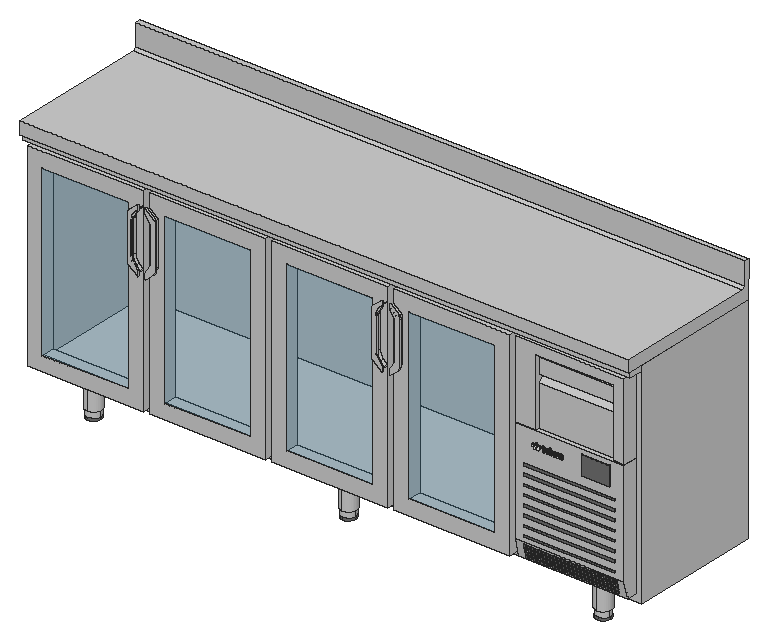
Revit family "QF_INFRICO_FMPP2500CR_250812114429", category Specialty Equipment, Revit 2021
Family settings
  Round Connector Dimension = Use Diameter
  Part Type = Normal
  OmniClass Number = 23.40.40.14
  OmniClass Title = Food Service Equipment
  Work Plane-Based = No
  Always vertical = Yes
  Cut with Voids When Loaded = No
  Shared = No
  Room Calculation Point = No
Parameters (values of type "FMPP2500CR-R290")
  Weight [instance] = 220.999 kg
  Waste Water Discharge Temperature [instance] = 0 °C
  Waste Remarks [instance] = ""
  Warranty Start Date [instance] = ""
  Warranty Duration [instance] = ""
  Volts [instance] = 230 V
  Volt Free Conn [instance] = no
  URL Recommended Spares List [instance] = ""
  URL Manufacturer [instance] = ""
  URL Cutsheet [instance] = ""
  URL Critical Spares List [instance] = ""
  URL = "www.infrico.com"
  Technical Documentation [instance] = ""
  Tag Number [instance] = ""
  Status [instance] = ""
  Start Up Current [instance] = 0 A
  Specification by User [instance] = ""
  Specification by Manufacturer [instance] = ""
  Sound Level [instance] = ""
  Show Logo [instance] = yes
  Show Clearances [instance] = yes
  Service Life Duration [instance] = ""
  Serial Number [instance] = ""
  Seismic Rating [instance] = ""
  SMACNA No [instance] = ""
  Revision Code [instance] = ""
  Revision [instance] = ""
  Production Year [instance] = ""
  Potential Equalisation [instance] = no
  Point Load [instance] = 0
  Plumbing Connection Type [instance] = ""
  Phase [instance] = 1
  Other Equipment Approvals [instance] = ""
  Operational Current [instance] = 0 A
  Number of Poles [instance] = 2
  No Load Power Draw [instance] = no
  NAFEM Spec ID Number [instance] = ""
  Model Warning [instance] = ""
  Model = "FMPP2500CR"
  Min Ckt Ampacity [instance] = 0 A
  Max Overcurrent Protection [instance] = 0 A
  Masterspec [instance] = ""
  Manufacturer = "INFRICO"
  Main switch integrated [instance] = no
  Length Actual [instance] = 2452.116 mm
  Item Number [instance] = ""
  Installed By [instance] = ""
  Installation Date [instance] = ""
  Indirect Waste Size [instance] = 19.05 mm
  Indirect Waste Remarks [instance] = ""
  Indirect Waste Flow [instance] = 0.0 L/s
  Indirect Waste Connection Type [instance] = ""
  Indirect Waste Connection Height [instance] = 0 mm
  Identify Quantity as Lot [instance] = no
  ID [instance] = ""
  Hygiene Approval [instance] = ""
  Height Actual [instance] = 1050.036 mm
  HP power [instance] = ""
  Furnished By [instance] = ""
  Foodservice Equipment Identifier [instance] = no
  FL Amps [instance] = 0 A
  Electrical Remarks [instance] = ""
  Electric power [instance] = 450 W
  Electric Connection Type [instance] = ""
  Elec Conn RI Height [instance] = 0 mm
  Elec Conn Connection Height [instance] = 0 mm
  ETL Approved [instance] = no
  Direct Waste Water Discharge Temperature [instance] = -273.15 °C
  Direct Waste Size [instance] = 19.05 mm
  Direct Waste RI Height [instance] = 0 mm
  Direct Waste Flow [instance] = 0.0 L/s
  Direct Waste Connection Height [instance] = 0 mm
  Description = "BACK BAR COUNTER REFRIGERATOR - R290"
  Depth Actual [instance] = 599.948 mm
  Default Elevation = 0 mm
  Cycle [instance] = 50 Hz
  Cost = 0
  Connection to energy optimisation system [instance] = yes
  Conn Plug [instance] = ""
  Conn Conduit [instance] = no
  Centralized building control system with digital interface [instance] = ""
  CSI MasterFormat [instance] = ""
  CE Approved [instance] = no
  Barcode [instance] = 0
  Author [instance] = ""
  Asset Identifier [instance] = ""
  Apparent Power [instance] = 450 VA
  Accessory [instance] = no
Reference planes
  plane 1 "Center (Front/Back)": y = 0
  plane 2: z = 0
  plane 3 "Center (Left/Right)": x = 0
Forms (mm)
  Extrusion 1, solid, not visible
    sketch origin (1034.05, -113.006, 142.007) x (1, 0, 0) y (0, 1, 0)
      loop
        line (-2, 2) -> (-2, -2) -> (2, -2) -> (2, 2) -> (-2, 2)
    from -2 to 2
  Extrusion 2, solid, not visible
    sketch origin (2391.117, -61.003, 142.007) x (1, 0, 0) y (0, 1, 0)
      loop
        line (-2, 2) -> (-2, -2) -> (2, -2) -> (2, 2) -> (-2, 2)
    from -2 to 2
Dimensions and locks
  locked: nested 2 to Extrusion 1 at 2  (x2)
  locked: nested 3 to Extrusion 2 at 2  (x2)
  aligned and locked: level to plane 2
Nested families
  nested 1: "QF_INFRICO_FMPP2500CR_2920" at (0, 0, 140), type "FMPP2500CR-R290"
    with Weight 220.999 kg, Warranty Start Date "", Warranty Duration "", URL Cutsheet "", Technical Documentation "", Tag Number "", Status "", Specification by User "", Specification by Manufacturer "", Sound Level "", Solid Fuel Type "", Show Logo yes, Show Clearances yes, Show Clearance yes, Service Life Duration "", Serial Number "", Seismic Rating "", SMACNA No "", Revision Code "", Revision "", Production Year "", Point Load 0, Other Equipment Approvals "", NAFEM Spec ID Number "", Model Warning "", Masterspec "", Length Actual 2452.116 mm, Item Number "", Installed By "", Installation Date "", Identify Quantity as Lot yes, ID "", Hygiene Approval "", Height Actual 1050.036 mm, Furnished By "", Foodservice Equipment Identifier yes, ETL Approved yes, Depth Actual 599.948 mm, CSI MasterFormat "", CE Approved no, Barcode "", Author "", Asset Identifier "", Accessory no
  nested 2: "CONN_POINT_DRAIN_2D___Generic_Annotation" at (1034.05, -113.006, 140.007), type "CONN_POINT_DRAIN_2D___Generic_Annotation"
    with Onboard connection annotation symbol visibility yes
  nested 3: "CONN_POINT_ELE_2D___Generic_Annotation" at (2391.117, -61.003, 140.007), type "CONN_POINT_ELE_2D___Generic_Annotation"
    with Onboard connection annotation symbol visibility yes
  nested 4: "QF_INFRICO_FMPPCR_DOOR_SX_4887" at (22, -538, 168), type "FMPPCR_DOOR_SX"
    with Weight 0.00 kg, Warranty Start Date "", Warranty Duration "", URL Cutsheet "", Technical Documentation "", Tag Number "", Status "", Specification by User "", Specification by Manufacturer "", Sound Level "", Solid Fuel Type "", Show Logo yes, Show Clearances yes, Show Clearance yes, Service Life Duration "", Serial Number "", Seismic Rating "", SMACNA No "", Revision Code "", Revision "", Production Year "", Point Load 0, Other Equipment Approvals "", NAFEM Spec ID Number "", Model Warning "", Masterspec "", Length Actual 467.106 mm, Item Number "", Installed By "", Installation Date "", Identify Quantity as Lot yes, ID "", Hygiene Approval "", Height Actual 596.9 mm, Furnished By "", Foodservice Equipment Identifier yes, ETL Approved yes, Depth Actual 54.102 mm, CSI MasterFormat "", CE Approved no, Barcode "", Author "", Asset Identifier "", Accessory yes
  nested 5: "QF_INFRICO_FMPPCR_DOOR_DX_5699" at (1498, -538, 168), type "FMPPCR_DOOR_DX"
    with Weight 0.00 kg, Warranty Start Date "", Warranty Duration "", URL Cutsheet "", Technical Documentation "", Tag Number "", Status "", Specification by User "", Specification by Manufacturer "", Sound Level "", Solid Fuel Type "", Show Logo yes, Show Clearances yes, Show Clearance yes, Service Life Duration "", Serial Number "", Seismic Rating "", SMACNA No "", Revision Code "", Revision "", Production Year "", Point Load 0, Other Equipment Approvals "", NAFEM Spec ID Number "", Model Warning "", Masterspec "", Length Actual 467.106 mm, Item Number "", Installed By "", Installation Date "", Identify Quantity as Lot yes, ID "", Hygiene Approval "", Height Actual 596.9 mm, Furnished By "", Foodservice Equipment Identifier yes, ETL Approved yes, Depth Actual 54.102 mm, CSI MasterFormat "", CE Approved no, Barcode "", Author "", Asset Identifier "", Accessory yes
  nested 6: "QF_INFRICO_FMPPCR_DOOR_DX_6507" at (514, -538, 168), type "FMPPCR_DOOR_DX"
    with Weight 0.00 kg, Warranty Start Date "", Warranty Duration "", URL Cutsheet "", Technical Documentation "", Tag Number "", Status "", Specification by User "", Specification by Manufacturer "", Sound Level "", Solid Fuel Type "", Show Logo yes, Show Clearances yes, Show Clearance yes, Service Life Duration "", Serial Number "", Seismic Rating "", SMACNA No "", Revision Code "", Revision "", Production Year "", Point Load 0, Other Equipment Approvals "", NAFEM Spec ID Number "", Model Warning "", Masterspec "", Length Actual 467.106 mm, Item Number "", Installed By "", Installation Date "", Identify Quantity as Lot yes, ID "", Hygiene Approval "", Height Actual 596.9 mm, Furnished By "", Foodservice Equipment Identifier yes, ETL Approved yes, Depth Actual 54.102 mm, CSI MasterFormat "", CE Approved no, Barcode "", Author "", Asset Identifier "", Accessory yes
  nested 7: "QF_INFRICO_FMPPCR_DOOR_SX_7315" at (1006, -538, 168), type "FMPPCR_DOOR_SX"
    with Weight 0.00 kg, Warranty Start Date "", Warranty Duration "", URL Cutsheet "", Technical Documentation "", Tag Number "", Status "", Specification by User "", Specification by Manufacturer "", Sound Level "", Solid Fuel Type "", Show Logo yes, Show Clearances yes, Show Clearance yes, Service Life Duration "", Serial Number "", Seismic Rating "", SMACNA No "", Revision Code "", Revision "", Production Year "", Point Load 0, Other Equipment Approvals "", NAFEM Spec ID Number "", Model Warning "", Masterspec "", Length Actual 467.106 mm, Item Number "", Installed By "", Installation Date "", Identify Quantity as Lot yes, ID "", Hygiene Approval "", Height Actual 596.9 mm, Furnished By "", Foodservice Equipment Identifier yes, ETL Approved yes, Depth Actual 54.102 mm, CSI MasterFormat "", CE Approved no, Barcode "", Author "", Asset Identifier "", Accessory yes
  nested 8: "QF_INFRICO_WORKTOP_BACKSPLASH_8123" at (0, 0, 1000), type "ENC12CPBM25"
    with Weight 0.00 kg, Warranty Start Date "", Warranty Duration "", URL Cutsheet "", Technical Documentation "", Tag Number "", Status "", Specification by User "", Specification by Manufacturer "", Sound Level "", Solid Fuel Type "", Show Logo yes, Show Clearances yes, Show Clearance yes, Service Life Duration "", Serial Number "", Seismic Rating "", SMACNA No "", Revision Code "", Revision "", Production Year "", Point Load 0, Other Equipment Approvals "", NAFEM Spec ID Number "", Model Warning "", Masterspec "", Length Actual 2452.116 mm, Item Number "", Installed By "", Installation Date "", Identify Quantity as Lot yes, ID "", Hygiene Approval "", Height Actual 150.114 mm, Furnished By "", Foodservice Equipment Identifier yes, ETL Approved yes, Depth Actual 599.948 mm, CSI MasterFormat "", CE Approved no, Barcode "", Author "", Asset Identifier "", Accessory yes
  nested 9: "QF_INFRICO_LEGS_8959" at (0, 0, 0), type "LEGS_2450_600"
    with Weight 0.00 kg, Warranty Start Date "", Warranty Duration "", URL Cutsheet "", Technical Documentation "", Tag Number "", Status "", Specification by User "", Specification by Manufacturer "", Sound Level "", Solid Fuel Type "", Show Logo yes, Show Clearances yes, Show Clearance yes, Service Life Duration "", Serial Number "", Seismic Rating "", SMACNA No "", Revision Code "", Revision "", Production Year "", Point Load 0, Other Equipment Approvals "", NAFEM Spec ID Number "", Model Warning "", Masterspec "", Length Actual 2452.116 mm, Item Number "", Installed By "", Installation Date "", Identify Quantity as Lot yes, ID "", Hygiene Approval "", Height Actual 139.954 mm, Furnished By "", Foodservice Equipment Identifier yes, ETL Approved yes, Depth Actual 599.948 mm, CSI MasterFormat "", CE Approved no, Barcode "", Author "", Asset Identifier "", Accessory yes
Connectors
  piping at (1034.05, -113.006, 140.007), diameter 19.05, driven by "Indirect Waste Size", driven by "Direct Waste Flow"
    settings: on Extrusion 1, index 1, connector inside diameter 609.6 mm, connector length 0 mm, flow factor 0, pipe flow 0.0 L/s, pressure drop 0.0 Pa, fitting loss kfactor 0, connector angle 0.00°, fixture units 0, engagement length 0 mm, angle of deflection 0.00°, flow configuration 1, flow direction 2, fitting loss method 0, system type 16, joint type 0, gender type 0, connector reference index -1, connector utility 0, adjustable connector no, is connector primary yes, connector description "Waste connection for FMPP2500CR"
  electrical at (2391.117, -61.003, 140.007), driven by "Apparent Power", driven by "Number of Poles", driven by "Volts"
    settings: on Extrusion 2, index 2, voltage 230 V, apparent load 0 VA, apparent load phase1 450 VA, apparent load phase2 0 VA, apparent load phase3 0 VA, power factor 1, load classification "Other", number of poles 2, system type 31, power factor state 1, is connector primary yes, connector utility no, sub classification motor no, connector description "Electrical connection for FMPP2500CR"
Definition of nested family "QF_INFRICO_FMPP2500CR_2920"
  Parameters (values of type "FMPP2500CR-R290")
    Weight [instance] = 0.00 kg
    Warranty Start Date [instance] = ""
    Warranty Duration [instance] = ""
    URL Cutsheet [instance] = ""
    URL = "www.infrico.com"
    Technical Documentation [instance] = ""
    Tag Number [instance] = ""
    Status [instance] = ""
    Specification by User [instance] = ""
    Specification by Manufacturer [instance] = ""
    Sound Level [instance] = ""
    Solid Fuel Type [instance] = ""
    Show Logo [instance] = yes
    Show Clearances [instance] = yes
    Show Clearance [instance] = yes
    Service Life Duration [instance] = ""
    Serial Number [instance] = ""
    Seismic Rating [instance] = ""
    SMACNA No [instance] = ""
    Revision Code [instance] = ""
    Revision [instance] = ""
    Production Year [instance] = ""
    Point Load [instance] = 0
    Other Equipment Approvals [instance] = ""
    NAFEM Spec ID Number [instance] = ""
    Model Warning [instance] = ""
    Model = "FMPP2500CR"
    Masterspec [instance] = ""
    Manufacturer = "INFRICO"
    Length Actual [instance] = 0 mm
    Item Number [instance] = ""
    Installed By [instance] = ""
    Installation Date [instance] = ""
    Identify Quantity as Lot [instance] = yes
    ID [instance] = ""
    Hygiene Approval [instance] = ""
    Height Actual [instance] = 0 mm
    Furnished By [instance] = ""
    Foodservice Equipment Identifier [instance] = yes
    ETL Approved [instance] = yes
    Description = "BACK BAR COUNTER REFRIGERATOR - R290"
    Depth Actual [instance] = 0 mm
    Default Elevation = 0 mm
    CSI MasterFormat [instance] = ""
    CE Approved [instance] = yes
    Barcode [instance] = ""
    Author [instance] = ""
    Asset Identifier [instance] = ""
    Assembly Code = "E1090320"
    Accessory [instance] = yes
  Types (2, lengths in mm): name | Description
    FMPP2500CR | "BACK BAR COUNTER REFRIGERATOR - R134A"
    FMPP2500CR-R290 | "BACK BAR COUNTER REFRIGERATOR - R290"
  Reference planes
    plane 1 "Back": y = 0
    plane 2: z = 0
    plane 3 "Left": x = 0
    plane 4 "Right": x = 2452
    plane 5 "Front": y = -600
    plane 6 "Top": z = 860
  Forms (mm)
    Extrusion 1, solid
      sketch origin (984, 100, -140) x (0, 1, 0) y (0, 0, 1)
        loop
          line (-638.02, 654.885) -> (-695.03, 654.885) -> (-695.03, 238.436) -> (-678.769, 168) -> (-638.02, 168) -> (-638.02, 654.885)
      from 1005.93 to 1443.93
    Extrusion 2, solid
      sketch origin (-1016, -593.13, -140) x (1, 0, 0) y (0, 0, 1)
        loop
          line (3408.016, 523.949) -> (3040.73, 523.949) -> (3040.73, 514.949) -> (3408.016, 514.949) -> (3408.016, 523.949)
        loop
          line (3408.016, 486.949) -> (3040.73, 486.949) -> (3040.73, 477.949) -> (3408.016, 477.949) -> (3408.016, 486.949)
        loop
          line (3408.016, 449.949) -> (3040.73, 449.949) -> (3040.73, 440.949) -> (3408.016, 440.949) -> (3408.016, 449.949)
        loop
          line (3408.016, 412.949) -> (3040.73, 412.949) -> (3040.73, 403.949) -> (3408.016, 403.949) -> (3408.016, 412.949)
        loop
          line (3408.016, 375.949) -> (3040.73, 375.949) -> (3040.73, 366.949) -> (3408.016, 366.949) -> (3408.016, 375.949)
        loop
          line (3408.016, 338.949) -> (3040.73, 338.949) -> (3040.73, 329.949) -> (3408.016, 329.949) -> (3408.016, 338.949)
        loop
          line (3408.016, 301.949) -> (3040.73, 301.949) -> (3040.73, 292.949) -> (3408.016, 292.949) -> (3408.016, 301.949)
        loop
          line (3408.016, 264.949) -> (3040.73, 264.949) -> (3040.73, 255.949) -> (3408.016, 255.949) -> (3408.016, 264.949)
      from 0 to 2
    Extrusion 3, solid
      sketch origin (-1015.3, -539.263, -135.602) x (1, 0, 0) y (0, -0.224951, 0.97437)
        loop
          line (3036.73, 215.974) -> (3036.73, 205.974) -> (3046.73, 205.974) -> (3046.73, 215.974) -> (3036.73, 215.974)
        loop
          line (3036.73, 230.769) -> (3036.73, 220.769) -> (3046.73, 220.769) -> (3046.73, 230.769) -> (3036.73, 230.769)
        loop
          line (3036.73, 186.385) -> (3036.73, 176.385) -> (3046.73, 176.385) -> (3046.73, 186.385) -> (3036.73, 186.385)
        loop
          line (3036.73, 201.179) -> (3036.73, 191.179) -> (3046.73, 191.179) -> (3046.73, 201.179) -> (3036.73, 201.179)
        loop
          line (3051.938, 215.974) -> (3051.938, 205.974) -> (3061.938, 205.974) -> (3061.938, 215.974) -> (3051.938, 215.974)
        loop
          line (3051.938, 230.769) -> (3051.938, 220.769) -> (3061.938, 220.769) -> (3061.938, 230.769) -> (3051.938, 230.769)
        loop
          line (3051.938, 186.385) -> (3051.938, 176.385) -> (3061.938, 176.385) -> (3061.938, 186.385) -> (3051.938, 186.385)
        loop
          line (3051.938, 201.179) -> (3051.938, 191.179) -> (3061.938, 191.179) -> (3061.938, 201.179) -> (3051.938, 201.179)
        loop
          line (3067.147, 215.974) -> (3067.147, 205.974) -> (3077.147, 205.974) -> (3077.147, 215.974) -> (3067.147, 215.974)
        loop
          line (3067.147, 230.769) -> (3067.147, 220.769) -> (3077.147, 220.769) -> (3077.147, 230.769) -> (3067.147, 230.769)
        loop
          line (3067.147, 186.385) -> (3067.147, 176.385) -> (3077.147, 176.385) -> (3077.147, 186.385) -> (3067.147, 186.385)
        loop
          line (3067.147, 201.179) -> (3067.147, 191.179) -> (3077.147, 191.179) -> (3077.147, 201.179) -> (3067.147, 201.179)
        loop
          line (3082.355, 215.974) -> (3082.355, 205.974) -> (3092.355, 205.974) -> (3092.355, 215.974) -> (3082.355, 215.974)
        loop
          line (3082.355, 230.769) -> (3082.355, 220.769) -> (3092.355, 220.769) -> (3092.355, 230.769) -> (3082.355, 230.769)
        loop
          line (3082.355, 186.385) -> (3082.355, 176.385) -> (3092.355, 176.385) -> (3092.355, 186.385) -> (3082.355, 186.385)
        loop
          line (3082.355, 201.179) -> (3082.355, 191.179) -> (3092.355, 191.179) -> (3092.355, 201.179) -> (3082.355, 201.179)
        loop
          line (3097.563, 215.974) -> (3097.563, 205.974) -> (3107.563, 205.974) -> (3107.563, 215.974) -> (3097.563, 215.974)
        loop
          line (3097.563, 230.769) -> (3097.563, 220.769) -> (3107.563, 220.769) -> (3107.563, 230.769) -> (3097.563, 230.769)
        loop
          line (3097.563, 186.385) -> (3097.563, 176.385) -> (3107.563, 176.385) -> (3107.563, 186.385) -> (3097.563, 186.385)
        loop
          line (3097.563, 201.179) -> (3097.563, 191.179) -> (3107.563, 191.179) -> (3107.563, 201.179) -> (3097.563, 201.179)
        loop
          line (3112.772, 215.974) -> (3112.772, 205.974) -> (3122.772, 205.974) -> (3122.772, 215.974) -> (3112.772, 215.974)
        loop
          line (3112.772, 230.769) -> (3112.772, 220.769) -> (3122.772, 220.769) -> (3122.772, 230.769) -> (3112.772, 230.769)
        loop
          line (3112.772, 186.385) -> (3112.772, 176.385) -> (3122.772, 176.385) -> (3122.772, 186.385) -> (3112.772, 186.385)
        loop
          line (3112.772, 201.179) -> (3112.772, 191.179) -> (3122.772, 191.179) -> (3122.772, 201.179) -> (3112.772, 201.179)
        loop
          line (3127.98, 215.974) -> (3127.98, 205.974) -> (3137.98, 205.974) -> (3137.98, 215.974) -> (3127.98, 215.974)
        loop
          line (3127.98, 230.769) -> (3127.98, 220.769) -> (3137.98, 220.769) -> (3137.98, 230.769) -> (3127.98, 230.769)
        loop
          line (3127.98, 186.385) -> (3127.98, 176.385) -> (3137.98, 176.385) -> (3137.98, 186.385) -> (3127.98, 186.385)
        loop
          line (3127.98, 201.179) -> (3127.98, 191.179) -> (3137.98, 191.179) -> (3137.98, 201.179) -> (3127.98, 201.179)
        loop
          line (3143.188, 215.974) -> (3143.188, 205.974) -> (3153.188, 205.974) -> (3153.188, 215.974) -> (3143.188, 215.974)
        loop
          line (3143.188, 230.769) -> (3143.188, 220.769) -> (3153.188, 220.769) -> (3153.188, 230.769) -> (3143.188, 230.769)
        loop
          line (3143.188, 186.385) -> (3143.188, 176.385) -> (3153.188, 176.385) -> (3153.188, 186.385) -> (3143.188, 186.385)
        loop
          line (3143.188, 201.179) -> (3143.188, 191.179) -> (3153.188, 191.179) -> (3153.188, 201.179) -> (3143.188, 201.179)
        loop
          line (3158.397, 215.974) -> (3158.397, 205.974) -> (3168.397, 205.974) -> (3168.397, 215.974) -> (3158.397, 215.974)
        loop
          line (3158.397, 230.769) -> (3158.397, 220.769) -> (3168.397, 220.769) -> (3168.397, 230.769) -> (3158.397, 230.769)
        loop
          line (3158.397, 186.385) -> (3158.397, 176.385) -> (3168.397, 176.385) -> (3168.397, 186.385) -> (3158.397, 186.385)
        loop
          line (3158.397, 201.179) -> (3158.397, 191.179) -> (3168.397, 191.179) -> (3168.397, 201.179) -> (3158.397, 201.179)
        loop
          line (3173.605, 215.974) -> (3173.605, 205.974) -> (3183.605, 205.974) -> (3183.605, 215.974) -> (3173.605, 215.974)
        loop
          line (3173.605, 230.769) -> (3173.605, 220.769) -> (3183.605, 220.769) -> (3183.605, 230.769) -> (3173.605, 230.769)
        loop
          line (3173.605, 186.385) -> (3173.605, 176.385) -> (3183.605, 176.385) -> (3183.605, 186.385) -> (3173.605, 186.385)
        loop
          line (3173.605, 201.179) -> (3173.605, 191.179) -> (3183.605, 191.179) -> (3183.605, 201.179) -> (3173.605, 201.179)
        loop
          line (3188.813, 215.974) -> (3188.813, 205.974) -> (3198.813, 205.974) -> (3198.813, 215.974) -> (3188.813, 215.974)
        loop
          line (3188.813, 230.769) -> (3188.813, 220.769) -> (3198.813, 220.769) -> (3198.813, 230.769) -> (3188.813, 230.769)
        loop
          line (3188.813, 186.385) -> (3188.813, 176.385) -> (3198.813, 176.385) -> (3198.813, 186.385) -> (3188.813, 186.385)
        loop
          line (3188.813, 201.179) -> (3188.813, 191.179) -> (3198.813, 191.179) -> (3198.813, 201.179) -> (3188.813, 201.179)
        loop
          line (3204.022, 215.974) -> (3204.022, 205.974) -> (3214.022, 205.974) -> (3214.022, 215.974) -> (3204.022, 215.974)
        loop
          line (3204.022, 230.769) -> (3204.022, 220.769) -> (3214.022, 220.769) -> (3214.022, 230.769) -> (3204.022, 230.769)
        loop
          line (3204.022, 186.385) -> (3204.022, 176.385) -> (3214.022, 176.385) -> (3214.022, 186.385) -> (3204.022, 186.385)
        loop
          line (3204.022, 201.179) -> (3204.022, 191.179) -> (3214.022, 191.179) -> (3214.022, 201.179) -> (3204.022, 201.179)
        loop
          line (3219.23, 215.974) -> (3219.23, 205.974) -> (3229.23, 205.974) -> (3229.23, 215.974) -> (3219.23, 215.974)
        loop
          line (3219.23, 230.769) -> (3219.23, 220.769) -> (3229.23, 220.769) -> (3229.23, 230.769) -> (3219.23, 230.769)
        loop
          line (3219.23, 186.385) -> (3219.23, 176.385) -> (3229.23, 176.385) -> (3229.23, 186.385) -> (3219.23, 186.385)
        loop
          line (3219.23, 201.179) -> (3219.23, 191.179) -> (3229.23, 191.179) -> (3229.23, 201.179) -> (3219.23, 201.179)
        loop
          line (3234.438, 215.974) -> (3234.438, 205.974) -> (3244.438, 205.974) -> (3244.438, 215.974) -> (3234.438, 215.974)
        loop
          line (3234.438, 230.769) -> (3234.438, 220.769) -> (3244.438, 220.769) -> (3244.438, 230.769) -> (3234.438, 230.769)
        loop
          line (3234.438, 186.385) -> (3234.438, 176.385) -> (3244.438, 176.385) -> (3244.438, 186.385) -> (3234.438, 186.385)
        loop
          line (3234.438, 201.179) -> (3234.438, 191.179) -> (3244.438, 191.179) -> (3244.438, 201.179) -> (3234.438, 201.179)
        loop
          line (3249.647, 215.974) -> (3249.647, 205.974) -> (3259.647, 205.974) -> (3259.647, 215.974) -> (3249.647, 215.974)
        loop
          line (3249.647, 230.769) -> (3249.647, 220.769) -> (3259.647, 220.769) -> (3259.647, 230.769) -> (3249.647, 230.769)
        loop
          line (3249.647, 186.385) -> (3249.647, 176.385) -> (3259.647, 176.385) -> (3259.647, 186.385) -> (3249.647, 186.385)
        loop
          line (3249.647, 201.179) -> (3249.647, 191.179) -> (3259.647, 191.179) -> (3259.647, 201.179) -> (3249.647, 201.179)
        loop
          line (3264.855, 215.974) -> (3264.855, 205.974) -> (3274.855, 205.974) -> (3274.855, 215.974) -> (3264.855, 215.974)
        loop
          line (3264.855, 230.769) -> (3264.855, 220.769) -> (3274.855, 220.769) -> (3274.855, 230.769) -> (3264.855, 230.769)
        loop
          line (3264.855, 186.385) -> (3264.855, 176.385) -> (3274.855, 176.385) -> (3274.855, 186.385) -> (3264.855, 186.385)
        loop
          line (3264.855, 201.179) -> (3264.855, 191.179) -> (3274.855, 191.179) -> (3274.855, 201.179) -> (3264.855, 201.179)
        loop
          line (3280.063, 215.974) -> (3280.063, 205.974) -> (3290.063, 205.974) -> (3290.063, 215.974) -> (3280.063, 215.974)
        loop
          line (3280.063, 230.769) -> (3280.063, 220.769) -> (3290.063, 220.769) -> (3290.063, 230.769) -> (3280.063, 230.769)
        loop
          line (3280.063, 186.385) -> (3280.063, 176.385) -> (3290.063, 176.385) -> (3290.063, 186.385) -> (3280.063, 186.385)
        loop
          line (3280.063, 201.179) -> (3280.063, 191.179) -> (3290.063, 191.179) -> (3290.063, 201.179) -> (3280.063, 201.179)
        loop
          line (3295.272, 215.974) -> (3295.272, 205.974) -> (3305.272, 205.974) -> (3305.272, 215.974) -> (3295.272, 215.974)
        loop
          line (3295.272, 230.769) -> (3295.272, 220.769) -> (3305.272, 220.769) -> (3305.272, 230.769) -> (3295.272, 230.769)
        loop
          line (3295.272, 186.385) -> (3295.272, 176.385) -> (3305.272, 176.385) -> (3305.272, 186.385) -> (3295.272, 186.385)
        loop
          line (3295.272, 201.179) -> (3295.272, 191.179) -> (3305.272, 191.179) -> (3305.272, 201.179) -> (3295.272, 201.179)
        loop
          line (3310.48, 215.974) -> (3310.48, 205.974) -> (3320.48, 205.974) -> (3320.48, 215.974) -> (3310.48, 215.974)
        loop
          line (3310.48, 230.769) -> (3310.48, 220.769) -> (3320.48, 220.769) -> (3320.48, 230.769) -> (3310.48, 230.769)
        loop
          line (3310.48, 186.385) -> (3310.48, 176.385) -> (3320.48, 176.385) -> (3320.48, 186.385) -> (3310.48, 186.385)
        loop
          line (3310.48, 201.179) -> (3310.48, 191.179) -> (3320.48, 191.179) -> (3320.48, 201.179) -> (3310.48, 201.179)
        loop
          line (3325.688, 215.974) -> (3325.688, 205.974) -> (3335.688, 205.974) -> (3335.688, 215.974) -> (3325.688, 215.974)
        loop
          line (3325.688, 230.769) -> (3325.688, 220.769) -> (3335.688, 220.769) -> (3335.688, 230.769) -> (3325.688, 230.769)
        loop
          line (3325.688, 186.385) -> (3325.688, 176.385) -> (3335.688, 176.385) -> (3335.688, 186.385) -> (3325.688, 186.385)
        loop
          line (3325.688, 201.179) -> (3325.688, 191.179) -> (3335.688, 191.179) -> (3335.688, 201.179) -> (3325.688, 201.179)
        loop
          line (3340.897, 215.974) -> (3340.897, 205.974) -> (3350.897, 205.974) -> (3350.897, 215.974) -> (3340.897, 215.974)
        loop
          line (3340.897, 230.769) -> (3340.897, 220.769) -> (3350.897, 220.769) -> (3350.897, 230.769) -> (3340.897, 230.769)
        loop
          line (3340.897, 186.385) -> (3340.897, 176.385) -> (3350.897, 176.385) -> (3350.897, 186.385) -> (3340.897, 186.385)
        loop
          line (3340.897, 201.179) -> (3340.897, 191.179) -> (3350.897, 191.179) -> (3350.897, 201.179) -> (3340.897, 201.179)
        loop
          line (3356.105, 215.974) -> (3356.105, 205.974) -> (3366.105, 205.974) -> (3366.105, 215.974) -> (3356.105, 215.974)
        loop
          line (3356.105, 230.769) -> (3356.105, 220.769) -> (3366.105, 220.769) -> (3366.105, 230.769) -> (3356.105, 230.769)
        loop
          line (3356.105, 186.385) -> (3356.105, 176.385) -> (3366.105, 176.385) -> (3366.105, 186.385) -> (3356.105, 186.385)
        loop
          line (3356.105, 201.179) -> (3356.105, 191.179) -> (3366.105, 191.179) -> (3366.105, 201.179) -> (3356.105, 201.179)
        loop
          line (3371.313, 215.974) -> (3371.313, 205.974) -> (3381.313, 205.974) -> (3381.313, 215.974) -> (3371.313, 215.974)
        loop
          line (3371.313, 230.769) -> (3371.313, 220.769) -> (3381.313, 220.769) -> (3381.313, 230.769) -> (3371.313, 230.769)
        loop
          line (3371.313, 186.385) -> (3371.313, 176.385) -> (3381.313, 176.385) -> (3381.313, 186.385) -> (3371.313, 186.385)
        loop
          line (3371.313, 201.179) -> (3371.313, 191.179) -> (3381.313, 191.179) -> (3381.313, 201.179) -> (3371.313, 201.179)
        loop
          line (3386.522, 215.974) -> (3386.522, 205.974) -> (3396.522, 205.974) -> (3396.522, 215.974) -> (3386.522, 215.974)
        loop
          line (3386.522, 230.769) -> (3386.522, 220.769) -> (3396.522, 220.769) -> (3396.522, 230.769) -> (3386.522, 230.769)
        loop
          line (3386.522, 186.385) -> (3386.522, 176.385) -> (3396.522, 176.385) -> (3396.522, 186.385) -> (3386.522, 186.385)
        loop
          line (3386.522, 201.179) -> (3386.522, 191.179) -> (3396.522, 191.179) -> (3396.522, 201.179) -> (3386.522, 201.179)
        loop
          line (3401.73, 215.974) -> (3401.73, 205.974) -> (3411.73, 205.974) -> (3411.73, 215.974) -> (3401.73, 215.974)
        loop
          line (3401.73, 230.769) -> (3401.73, 220.769) -> (3411.73, 220.769) -> (3411.73, 230.769) -> (3401.73, 230.769)
        loop
          line (3401.73, 186.385) -> (3401.73, 176.385) -> (3411.73, 176.385) -> (3411.73, 186.385) -> (3401.73, 186.385)
        loop
          line (3401.73, 201.179) -> (3401.73, 191.179) -> (3411.73, 191.179) -> (3411.73, 201.179) -> (3401.73, 201.179)
      from 0 to 2
    Extrusion 4, solid, visible <- "Show Logo"
      sketch origin (894.665, -593.13, -246.187) x (1, 0, 0) y (0, 0, 1)
        loop
          line (1208.799, 696.53) -> (1208.799, 719.204) -> (1204.173, 719.204) -> (1204.173, 696.53) -> (1208.799, 696.53)
        loop
          line (1214.779, 713.006) -> (1211.283, 713.006) -> (1211.283, 696.53) -> (1215.772, 696.53) -> (1215.772, 707.832)
          arc (1215.772, 707.832) -> (1217.528, 708.741) -> (1219.417, 709.324) r 11.052
          arc (1219.417, 709.324) -> (1220.929, 708.961) -> (1221.598, 707.557) r 1.806
          line (1221.598, 707.557) -> (1221.598, 696.53) -> (1226.121, 696.53) -> (1226.121, 708.689)
          arc (1226.121, 708.689) -> (1224.637, 712.075) -> (1221.141, 713.281) r 4.607
          arc (1221.141, 713.281) -> (1218.282, 712.674) -> (1215.669, 711.361) r 11.435
          line (1215.669, 711.361) -> (1215.601, 712.184)
          arc (1215.601, 712.184) -> (1215.36, 712.765) -> (1214.779, 713.006) r 0.822
        loop
          line (1238.557, 720.102) -> (1237.306, 720.102)
          arc (1237.306, 720.102) -> (1235.052, 719.926) -> (1232.881, 719.297) r 11.103
          arc (1232.881, 719.297) -> (1230.805, 717.616) -> (1230.024, 715.062) r 4.567
          line (1230.024, 715.062) -> (1230.024, 712.909) -> (1227.351, 712.703) -> (1227.351, 709.374) -> (1230.024, 709.374) -> (1230.024, 696.53) -> (1234.547, 696.53) -> (1234.547, 709.374) -> (1238.249, 709.374) -> (1238.249, 712.938) -> (1234.547, 712.938) -> (1234.547, 714.548)
          arc (1234.547, 714.548) -> (1234.956, 715.705) -> (1236.045, 716.271) r 1.67
          line (1236.045, 716.271) -> (1237.7, 716.399)
          arc (1237.7, 716.399) -> (1238.306, 716.65) -> (1238.557, 717.255) r 0.857
          line (1238.557, 717.255) -> (1238.557, 720.102)
        loop
          line (1239.479, 713.006) -> (1239.479, 696.53) -> (1243.968, 696.53) -> (1243.968, 707.352)
          arc (1243.968, 707.352) -> (1245.873, 708.631) -> (1248.077, 709.268) r 7.435
          line (1248.077, 709.268) -> (1249.241, 709.416)
          arc (1249.241, 709.416) -> (1249.643, 709.758) -> (1249.793, 710.265) r 0.928
          line (1249.793, 710.265) -> (1249.793, 712.458)
          arc (1249.793, 712.458) -> (1249.531, 713.061) -> (1248.912, 713.28) r 0.824
          arc (1248.912, 713.28) -> (1246.197, 712.588) -> (1243.899, 710.984) r 7.833
          line (1243.899, 710.984) -> (1243.726, 713.006) -> (1239.479, 713.006)
        loop
          line (1255.495, 696.53) -> (1255.495, 713.006) -> (1251.006, 713.006) -> (1251.006, 696.53) -> (1255.495, 696.53)
        loop
          arc (1257.421, 701.327) -> (1258.567, 698.188) -> (1261.466, 696.525) r 4.873
          arc (1261.466, 696.525) -> (1264.493, 696.266) -> (1267.521, 696.525) r 17.816
          arc (1267.521, 696.525) -> (1270.575, 699.134) -> (1271.505, 703.041) r 6.481
          line (1271.505, 703.041) -> (1267.187, 703.041) -> (1267.187, 701.67)
          arc (1267.187, 701.67) -> (1266.64, 700.452) -> (1265.442, 699.865) r 1.965
          arc (1265.442, 699.865) -> (1264.547, 699.816) -> (1263.653, 699.865) r 8.196
          arc (1263.653, 699.865) -> (1262.417, 700.415) -> (1261.91, 701.67) r 1.806
          line (1261.91, 701.67) -> (1261.91, 707.9)
          arc (1261.91, 707.9) -> (1262.417, 709.155) -> (1263.653, 709.705) r 1.806
          arc (1263.653, 709.705) -> (1264.547, 709.754) -> (1265.442, 709.705) r 8.196
          arc (1265.442, 709.705) -> (1266.64, 709.118) -> (1267.187, 707.9) r 1.965
          line (1267.187, 707.9) -> (1267.187, 706.838) -> (1271.505, 706.838)
          arc (1271.505, 706.838) -> (1270.524, 710.556) -> (1267.521, 712.959) r 6.132
          arc (1267.521, 712.959) -> (1264.493, 713.294) -> (1261.466, 712.959) r 13.851
          arc (1261.466, 712.959) -> (1258.571, 711.349) -> (1257.421, 708.243) r 4.772
          line (1257.421, 708.243) -> (1257.421, 701.327)
        loop
          arc (1272.916, 701.329) -> (1273.993, 698.345) -> (1276.726, 696.734) r 4.676
          arc (1276.726, 696.734) -> (1278.515, 696.455) -> (1280.318, 696.291) r 28.371
          arc (1280.318, 696.291) -> (1282.122, 696.455) -> (1283.911, 696.734) r 28.371
          arc (1283.911, 696.734) -> (1286.644, 698.345) -> (1287.72, 701.329) r 4.676
          line (1287.72, 701.329) -> (1287.72, 708.242)
          arc (1287.72, 708.242) -> (1286.644, 711.226) -> (1283.911, 712.837) r 4.676
          arc (1283.911, 712.837) -> (1282.122, 713.116) -> (1280.318, 713.28) r 28.371
          arc (1280.318, 713.28) -> (1278.515, 713.116) -> (1276.726, 712.837) r 28.371
          arc (1276.726, 712.837) -> (1273.993, 711.226) -> (1272.916, 708.242) r 4.676
          line (1272.916, 708.242) -> (1272.916, 701.329)
        loop
          line (1277.405, 707.866) -> (1277.405, 701.705)
          arc (1277.405, 701.705) -> (1277.844, 700.556) -> (1278.936, 699.991) r 1.725
          arc (1278.936, 699.991) -> (1279.627, 699.918) -> (1280.318, 699.856) r 46.133
          arc (1280.318, 699.856) -> (1281.01, 699.918) -> (1281.701, 699.991) r 46.133
          arc (1281.701, 699.991) -> (1282.793, 700.556) -> (1283.231, 701.705) r 1.725
          line (1283.231, 701.705) -> (1283.231, 707.866)
          arc (1283.231, 707.866) -> (1282.793, 709.015) -> (1281.701, 709.58) r 1.725
          arc (1281.701, 709.58) -> (1281.01, 709.653) -> (1280.318, 709.716) r 46.133
          arc (1280.318, 709.716) -> (1279.627, 709.653) -> (1278.936, 709.58) r 46.133
          arc (1278.936, 709.58) -> (1277.844, 709.015) -> (1277.405, 707.866) r 1.725
        loop
          arc (1190.339, 696.543) -> (1191.411, 696.987) -> (1191.856, 698.059) r 1.516
          line (1191.856, 698.059) -> (1191.856, 703.891) -> (1196.035, 703.891)
          arc (1196.035, 703.891) -> (1196.79, 704.121) -> (1197.218, 704.782) r 1.147
          line (1197.218, 704.782) -> (1197.218, 706.211)
          arc (1197.218, 706.211) -> (1196.787, 707.258) -> (1195.719, 707.634) r 1.385
          line (1195.719, 707.634) -> (1194.52, 707.634) -> (1197.218, 710.332)
          arc (1197.218, 710.332) -> (1197.605, 711.266) -> (1197.218, 712.2) r 1.321
          line (1197.218, 712.2) -> (1196.495, 712.923)
          arc (1196.495, 712.923) -> (1195.54, 713.338) -> (1194.558, 712.991) r 1.422
          line (1194.558, 712.991) -> (1191.853, 710.286) -> (1191.853, 711.479)
          arc (1191.853, 711.479) -> (1191.443, 712.516) -> (1190.435, 712.992) r 1.516
          line (1190.435, 712.992) -> (1189.514, 712.992)
          arc (1189.514, 712.992) -> (1188.511, 712.514) -> (1188.103, 711.479) r 1.516
          line (1188.103, 711.479) -> (1188.103, 706.83) -> (1182.073, 701.336) -> (1182.073, 707.509) -> (1185.639, 711.075)
          arc (1185.639, 711.075) -> (1186.053, 712.073) -> (1185.639, 713.071) r 1.412
          line (1185.639, 713.071) -> (1184.987, 713.723)
          arc (1184.987, 713.723) -> (1183.939, 714.141) -> (1182.915, 713.667) r 1.428
          line (1182.915, 713.667) -> (1182.073, 712.825) -> (1182.073, 717.784)
          arc (1182.073, 717.784) -> (1181.658, 718.787) -> (1180.655, 719.203) r 1.418
          line (1180.655, 719.203) -> (1179.726, 719.203)
          arc (1179.726, 719.203) -> (1178.723, 718.787) -> (1178.308, 717.784) r 1.418
          line (1178.308, 717.784) -> (1178.308, 712.825) -> (1177.466, 713.667)
          arc (1177.466, 713.667) -> (1176.442, 714.141) -> (1175.394, 713.723) r 1.428
          line (1175.394, 713.723) -> (1174.742, 713.071)
          arc (1174.742, 713.071) -> (1174.328, 712.073) -> (1174.742, 711.075) r 1.412
          line (1174.742, 711.075) -> (1178.308, 707.509) -> (1178.308, 701.336) -> (1172.278, 706.83) -> (1172.278, 711.479)
          arc (1172.278, 711.479) -> (1171.87, 712.514) -> (1170.867, 712.992) r 1.516
          line (1170.867, 712.992) -> (1169.946, 712.992)
          arc (1169.946, 712.992) -> (1168.938, 712.516) -> (1168.528, 711.479) r 1.516
          line (1168.528, 711.479) -> (1168.528, 710.286) -> (1165.823, 712.991)
          arc (1165.823, 712.991) -> (1164.841, 713.338) -> (1163.886, 712.923) r 1.422
          line (1163.886, 712.923) -> (1163.163, 712.2)
          arc (1163.163, 712.2) -> (1162.776, 711.266) -> (1163.163, 710.332) r 1.321
          line (1163.163, 710.332) -> (1165.861, 707.634) -> (1164.662, 707.634)
          arc (1164.662, 707.634) -> (1163.594, 707.258) -> (1163.163, 706.211) r 1.385
          line (1163.163, 706.211) -> (1163.163, 704.782)
          arc (1163.163, 704.782) -> (1163.591, 704.121) -> (1164.346, 703.891) r 1.147
          line (1164.346, 703.891) -> (1168.525, 703.891) -> (1168.525, 698.059)
          arc (1168.525, 698.059) -> (1168.969, 696.987) -> (1170.042, 696.543) r 1.516
          line (1170.042, 696.543) -> (1190.339, 696.543)
      from 0 to 2
    Extrusion 5, solid
      sketch origin (1089.578, 100, -156.025) x (1, 0, 0) y (0, 0, 1)
        loop
          line (1169.616, 654.3) -> (1169.616, 577.9) -> (1281.216, 577.9) -> (1281.216, 654.3) -> (1169.616, 654.3)
      from 695.03 to 698.23
    Extrusion 6, solid
      sketch origin (1358.5, 58.5, 0) x (1, 0, 0) y (0, 1, 0)
        loop
          circle (1032.5, -119.5) r 12.7
      from -5 to 0
    Extrusion 7, solid
      sketch origin (0, 0, 0) x (1, 0, 0) y (0, 1, 0)
        loop
          circle (1034, -113) r 9.525
      from -5 to 0
    Extrusion 8, solid
      sketch origin (0, 0, 0) x (1, 0, 0) y (0, 1, 0)
        loop
          line (0, -538.02) -> (2452, -538.02) -> (2452, 0) -> (0, 0) -> (0, -538.02)
        loop
          line (60, -60) -> (60, -478.02) -> (2392, -478.02) -> (2392, -60) -> (60, -60)
      from 0 to 860
    Extrusion 9, solid
      sketch origin (0, 0, 0) x (1, 0, 0) y (0, 0, 1)
        loop
          line (60, 0) -> (2392, 0) -> (2392, 60) -> (60, 60) -> (60, 0)
      from 60 to 478.02
    Extrusion 10, void
      sketch origin (0, 0, 0) x (1, 0, 0) y (0, 0, 1)
        loop
          line (60, 800) -> (60, 60) -> (1904, 60) -> (1904, 800) -> (60, 800)
      from 60 to 538.02
    Extrusion 11, solid
      sketch origin (0, 100, 200) x (1, 0, 0) y (0, 1, 0)
        loop
          line (454, -638.02) -> (549, -638.02) -> (549, -628.02) -> (454, -628.02) -> (454, -638.02)
      from -140 to 600
    Extrusion 12, solid
      sketch origin (628.16, 0, 0) x (1, 0, 0) y (0, 0, 1)
        loop
          line (1361.77, 830.367) -> (1361.77, 520.347) -> (1443.93, 520.347) -> (1443.93, 790.767) -> (1756.37, 790.767) -> (1756.37, 520.347) -> (1799.77, 520.347) -> (1799.77, 830.367) -> (1361.77, 830.367)
      from 538.02 to 595.03
    Extrusion 13, solid
      sketch origin (492, -1000, 0) x (1, 0, 0) y (0, 0, 1)
        loop
          line (1956.98, 837.357) -> (1956.98, 860) -> (-489.04, 860) -> (-489.04, 837.357) -> (1956.98, 837.357)
      from -461.98 to -409.56
    Extrusion 14, solid
      sketch origin (1918.53, -528.23, 652.595) x (0, 1, 0) y (0, 0, 1)
        loop
          line (-9.79, -132.247) -> (-9.79, 128.747) -> (-20.79, 128.747) -> (-20.79, 121.434) -> (-39.216, 116.496) -> (-46.258, 128.693) -> (-54.021, 124.211) -> (-54.021, 64.021) -> (-40.08, 96.864) -> (-38.742, 97.46) -> (-28.844, 97.805) -> (-27.112, 96.899) -> (-23.93, 85.422) -> (-23.93, 62.47) -> (-54, 32.4) -> (-54, -132.247) -> (-9.79, -132.247)
      from 153.56 to 466
    Extrusion 15, solid
      sketch origin (492, 100, 200) x (1, 0, 0) y (0, 1, 0)
        loop
          line (454, -638.02) -> (549, -638.02) -> (549, -628.02) -> (454, -628.02) -> (454, -638.02)
      from -140 to 600
    Extrusion 16, solid
      sketch origin (984, 100, 200) x (1, 0, 0) y (0, 1, 0)
        loop
          line (454, -638.02) -> (549, -638.02) -> (549, -628.02) -> (454, -628.02) -> (454, -638.02)
      from -140 to 600
  Cuts and joins
    Extrusion 10 cuts Extrusion 8
    Extrusion 10 cuts Extrusion 9
    joined: Extrusion 8, Extrusion 9, Extrusion 13
  Lines and regions (mm)
    symbolic lines, visible <- "Show Clearance"
      curve 1: line (2452, 0, 0) -> (0, 0, 0)
      curve 2: line (0, 0, 0) -> (0, -600, 0)
      curve 3: line (0, -600, 0) -> (2452, -600, 0)
      curve 4: line (2452, -600, 0) -> (2452, 0, 0)
  Dimensions and locks
    plane 4 "Right" to plane 3 "Left" = 2452 mm
    plane 6 "Top" to level = 860 mm
    plane 1 "Back" to plane 5 "Front" = 600 mm  (x2)
    plane 3 "Left" to plane 4 "Right" = 2452 mm
    aligned and locked: level to plane 2
  Connectors
    electrical at (2391, -61, -5)
      settings: on Extrusion 6, index 1, voltage 0 V, apparent load 0 VA, apparent load phase1 0 VA, apparent load phase2 0 VA, apparent load phase3 0 VA, power factor 1, load classification none, number of poles 1, system type 31, power factor state 1, is connector primary yes, connector utility no, sub classification motor no, connector description "Electrical collection"
    piping at (1034, -113, -5), diameter 19.1
      settings: on Extrusion 7, index 2, connector inside diameter 609.6 mm, connector length 0 mm, flow factor 0, pipe flow 0.0 L/s, pressure drop 0.0 Pa, fitting loss kfactor 0, connector angle 0.00°, fixture units 0, engagement length 0 mm, angle of deflection 0.00°, flow configuration 1, flow direction 2, fitting loss method 0, system type 16, joint type 0, gender type 0, connector reference index -1, connector utility 0, adjustable connector no, is connector primary yes, connector description "Drain connection"
Definition of nested family "QF_INFRICO_FMPPCR_DOOR_SX_4887"
  Parameters (values of type "PUE17IIFM")
    Weight [instance] = 0.00 kg
    Warranty Start Date [instance] = ""
    Warranty Duration [instance] = ""
    URL Cutsheet [instance] = ""
    URL = "www.infrico.com"
    Technical Documentation [instance] = ""
    Tag Number [instance] = ""
    Status [instance] = ""
    Specification by User [instance] = ""
    Specification by Manufacturer [instance] = ""
    Sound Level [instance] = ""
    Solid Fuel Type [instance] = ""
    Show Logo [instance] = yes
    Show Clearances [instance] = yes
    Show Clearance [instance] = yes
    Service Life Duration [instance] = ""
    Serial Number [instance] = ""
    Seismic Rating [instance] = ""
    SMACNA No [instance] = ""
    Revision Code [instance] = ""
    Revision [instance] = ""
    Production Year [instance] = ""
    Point Load [instance] = 0
    Other Equipment Approvals [instance] = ""
    NAFEM Spec ID Number [instance] = ""
    Model Warning [instance] = ""
    Model = "PUE17IIFM"
    Masterspec [instance] = ""
    Manufacturer = "INFRICO"
    Length Actual [instance] = 0 mm
    Item Number [instance] = ""
    Installed By [instance] = ""
    Installation Date [instance] = ""
    Identify Quantity as Lot [instance] = yes
    ID [instance] = ""
    Hygiene Approval [instance] = ""
    Height Actual [instance] = 0 mm
    Furnished By [instance] = ""
    Foodservice Equipment Identifier [instance] = yes
    ETL Approved [instance] = yes
    Description = "GLASS DOORS UNIT - LEFT DOOR"
    Depth Actual [instance] = 0 mm
    Default Elevation = 0 mm
    CSI MasterFormat [instance] = ""
    CE Approved [instance] = yes
    Barcode [instance] = ""
    Author [instance] = ""
    Asset Identifier [instance] = ""
    Assembly Code = "E1090320"
    Accessory [instance] = yes
  Types (2, lengths in mm): name | Model | Description
    FMPPCR_DOOR_SX | "FMPPCR_DOOR_SX" | "LEFT DOOR"
    PUE17IIFM | "PUE17IIFM" | "GLASS DOORS UNIT - LEFT DOOR"
  Reference planes
    plane 1 "Back": y = 0
    plane 2: z = 0
    plane 3 "Left": x = 0
    plane 4 "Right": x = 467
    plane 5 "Front": y = -54
    plane 6 "Top": z = 797
  Forms (mm)
    Extrusion 1, solid
      sketch origin (981.03, 638.058, 31.708) x (-1, 0, 0) y (0, 0, -1)
        loop
          line (518.816, -723.04) -> (552.274, -694.965)
          arc (552.274, -694.965) -> (556.597, -689.332) -> (558.134, -682.399) r 16.404
          line (558.134, -682.399) -> (558.134, -507.408)
          arc (558.134, -507.408) -> (556.597, -500.476) -> (552.274, -494.842) r 16.404
          line (552.274, -494.842) -> (518.816, -466.767) -> (515.53, -466.767) -> (515.53, -486.767) -> (535.322, -518.029)
          arc (535.322, -518.029) -> (536.599, -520.779) -> (537.13, -523.765) r 11.743
          line (537.13, -523.765) -> (537.13, -666.043)
          arc (537.13, -666.043) -> (536.599, -669.028) -> (535.322, -671.778) r 11.743
          line (535.322, -671.778) -> (515.53, -703.04) -> (515.53, -723.04) -> (518.816, -723.04)
      from 713.68 to 715.78
    Extrusion 2, solid
      sketch origin (-21.902, 638.058, 31.708) x (1, 0, 0) y (0, 0, 1)
        loop
          arc (471.131, 498.425) -> (461.192, 513.299) -> (457.702, 530.845) r 45.85
          line (457.702, 530.845) -> (457.702, 659.546)
          arc (457.702, 659.546) -> (461.192, 677.092) -> (471.131, 691.967) r 45.85
          line (471.131, 691.967) -> (487.402, 708.237) -> (487.402, 711.202) -> (457.988, 686.521)
          arc (457.988, 686.521) -> (456.67, 684.804) -> (456.202, 682.691) r 5
          line (456.202, 682.691) -> (456.202, 507.7)
          arc (456.202, 507.7) -> (456.67, 505.587) -> (457.988, 503.87) r 5
          line (457.988, 503.87) -> (487.402, 479.189) -> (487.402, 482.154) -> (471.131, 498.425)
      from 692.058 to 713.68
    Extrusion 3, solid
      sketch origin (-21.902, 638.058, -168.292) x (0, 1, 0) y (0, 0, 1)
        loop
          line (-692.058, 905.292) -> (-692.058, 228.292) -> (-688.07, 228.292) -> (-688.07, 905.292) -> (-692.058, 905.292)
      from 81.902 to 428.902
    Extrusion 4, solid
      sketch origin (-21.902, 0, -168.292) x (1, 0, 0) y (0, 0, 1)
        loop
          line (21.902, 965.292) -> (21.902, 168.292) -> (488.902, 168.292) -> (488.902, 965.292) -> (21.902, 965.292)
        loop
          line (81.902, 905.292) -> (81.902, 228.292) -> (428.902, 228.292) -> (428.902, 905.292) -> (81.902, 905.292)
      from 0 to 54
    Extrusion 5, solid, visible <- "Show Clearance", detail levels coarse
      sketch origin (0, 0, 0) x (1, 0, 0) y (0, 1, 0)
        loop
          line (0, -54) -> (0, -467) -> (54, -467)
          arc (54, -467) -> (346.035, -346.035) -> (467, -54) r 413
          line (467, -54) -> (0, -54)
      from 0 to 797
  Lines and regions (mm)
    symbolic lines, visible <- "Show Clearance"
      curve 1: line (0, -61.9, 0) -> (0, -467, 0)
      curve 2: line (0, -467, 0) -> (54, -467, 0)
      curve 3: arc (54, -467, 0) -> (343.229, -348.815, 0) -> (466.924, -61.9, 0) r 413
  Dimensions and locks
    plane 4 "Right" to plane 3 "Left" = 467 mm
    plane 6 "Top" to level = 797 mm
    plane 1 "Back" to plane 5 "Front" = 54 mm  (x2)
    plane 3 "Left" to plane 4 "Right" = 467 mm
    aligned and locked: level to plane 2
Definition of nested family "QF_INFRICO_FMPPCR_DOOR_DX_5699"
  Parameters (values of type "FMPPCR_DOOR_DX")
    Weight [instance] = 0.00 kg
    Warranty Start Date [instance] = ""
    Warranty Duration [instance] = ""
    URL Cutsheet [instance] = ""
    URL = "www.infrico.com"
    Technical Documentation [instance] = ""
    Tag Number [instance] = ""
    Status [instance] = ""
    Specification by User [instance] = ""
    Specification by Manufacturer [instance] = ""
    Sound Level [instance] = ""
    Solid Fuel Type [instance] = ""
    Show Logo [instance] = yes
    Show Clearances [instance] = yes
    Show Clearance [instance] = yes
    Service Life Duration [instance] = ""
    Serial Number [instance] = ""
    Seismic Rating [instance] = ""
    SMACNA No [instance] = ""
    Revision Code [instance] = ""
    Revision [instance] = ""
    Production Year [instance] = ""
    Point Load [instance] = 0
    Other Equipment Approvals [instance] = ""
    NAFEM Spec ID Number [instance] = ""
    Model Warning [instance] = ""
    Model = "FMPPCR_DOOR_DX"
    Masterspec [instance] = ""
    Manufacturer = "INFRICO"
    Length Actual [instance] = 0 mm
    Item Number [instance] = ""
    Installed By [instance] = ""
    Installation Date [instance] = ""
    Identify Quantity as Lot [instance] = yes
    ID [instance] = ""
    Hygiene Approval [instance] = ""
    Height Actual [instance] = 0 mm
    Furnished By [instance] = ""
    Foodservice Equipment Identifier [instance] = yes
    ETL Approved [instance] = yes
    Description = "RIGHT DOOR"
    Depth Actual [instance] = 0 mm
    Default Elevation = 0 mm
    CSI MasterFormat [instance] = ""
    CE Approved [instance] = yes
    Barcode [instance] = ""
    Author [instance] = ""
    Asset Identifier [instance] = ""
    Assembly Code = "E1090320"
    Accessory [instance] = yes
  Types (2, lengths in mm): name | Model | Description
    FMPPCR_DOOR_DX | "FMPPCR_DOOR_DX" | "RIGHT DOOR"
    PUE17IDFM | "PUE17IDFM" | "GLASS DOORS UNIT - RIGHT DOOR"
  Reference planes
    plane 1 "Back": y = 0
    plane 2: z = 0
    plane 3 "Left": x = 0
    plane 4 "Right": x = 467
    plane 5 "Front": y = -54
    plane 6 "Top": z = 797
  Forms (mm)
    Extrusion 1, solid
      sketch origin (-514.03, 638.058, 31.708) x (1, 0, 0) y (0, 0, 1)
        loop
          line (518.816, 723.04) -> (515.53, 723.04) -> (515.53, 703.04) -> (535.322, 671.778)
          arc (535.322, 671.778) -> (536.599, 669.028) -> (537.13, 666.043) r 11.743
          line (537.13, 666.043) -> (537.13, 523.765)
          arc (537.13, 523.765) -> (536.599, 520.779) -> (535.322, 518.029) r 11.743
          line (535.322, 518.029) -> (515.53, 486.767) -> (515.53, 466.767) -> (518.816, 466.767) -> (552.274, 494.842)
          arc (552.274, 494.842) -> (556.597, 500.476) -> (558.134, 507.408) r 16.404
          line (558.134, 507.408) -> (558.134, 682.399)
          arc (558.134, 682.399) -> (556.597, 689.332) -> (552.274, 694.965) r 16.404
          line (552.274, 694.965) -> (518.816, 723.04)
      from 713.68 to 715.78
    Extrusion 2, solid
      sketch origin (488.902, 638.058, 31.708) x (-1, 0, 0) y (0, 0, -1)
        loop
          line (471.131, -498.425) -> (487.402, -482.154) -> (487.402, -479.189) -> (457.988, -503.87)
          arc (457.988, -503.87) -> (456.67, -505.587) -> (456.202, -507.7) r 5
          line (456.202, -507.7) -> (456.202, -682.691)
          arc (456.202, -682.691) -> (456.67, -684.804) -> (457.988, -686.521) r 5
          line (457.988, -686.521) -> (487.402, -711.202) -> (487.402, -708.237) -> (471.131, -691.967)
          arc (471.131, -691.967) -> (461.192, -677.092) -> (457.702, -659.546) r 45.85
          line (457.702, -659.546) -> (457.702, -530.845)
          arc (457.702, -530.845) -> (461.192, -513.299) -> (471.131, -498.425) r 45.85
      from 692.058 to 713.68
    Extrusion 3, solid
      sketch origin (488.902, 638.058, -168.292) x (0, 1, 0) y (0, 0, -1)
        loop
          line (-692.058, -905.292) -> (-688.07, -905.292) -> (-688.07, -228.292) -> (-692.058, -228.292) -> (-692.058, -905.292)
      from 81.902 to 428.902
    Extrusion 4, solid
      sketch origin (488.902, 0, -168.292) x (-1, 0, 0) y (0, 0, -1)
        loop
          line (21.902, -965.292) -> (488.902, -965.292) -> (488.902, -168.292) -> (21.902, -168.292) -> (21.902, -965.292)
        loop
          line (81.902, -905.292) -> (428.902, -905.292) -> (428.902, -228.292) -> (81.902, -228.292) -> (81.902, -905.292)
      from 0 to 54
    Extrusion 5, solid, visible <- "Show Clearance", detail levels coarse
      sketch origin (467, 0, 0) x (-1, 0, 0) y (0, -1, 0)
        loop
          line (0, 54) -> (467, 54)
          arc (467, 54) -> (346.035, 346.035) -> (54, 467) r 413
          line (54, 467) -> (0, 467) -> (0, 54)
      from 0 to 797
  Lines and regions (mm)
    symbolic lines, visible <- "Show Clearance"
      curve 1: line (467, -61.9, 0) -> (467, -467, 0)
      curve 2: line (467, -467, 0) -> (413, -467, 0)
      curve 3: arc (413, -467, 0) -> (123.771, -348.815, 0) -> (0.076, -61.9, 0) r 413
  Dimensions and locks
    plane 4 "Right" to plane 3 "Left" = 467 mm
    plane 6 "Top" to level = 797 mm
    plane 1 "Back" to plane 5 "Front" = 54 mm  (x2)
    plane 3 "Left" to plane 4 "Right" = 467 mm
    aligned and locked: level to plane 2
Definition of nested family "QF_INFRICO_FMPPCR_DOOR_DX_6507"
  Parameters (values of type "FMPPCR_DOOR_DX")
    Weight [instance] = 0.00 kg
    Warranty Start Date [instance] = ""
    Warranty Duration [instance] = ""
    URL Cutsheet [instance] = ""
    URL = "www.infrico.com"
    Technical Documentation [instance] = ""
    Tag Number [instance] = ""
    Status [instance] = ""
    Specification by User [instance] = ""
    Specification by Manufacturer [instance] = ""
    Sound Level [instance] = ""
    Solid Fuel Type [instance] = ""
    Show Logo [instance] = yes
    Show Clearances [instance] = yes
    Show Clearance [instance] = yes
    Service Life Duration [instance] = ""
    Serial Number [instance] = ""
    Seismic Rating [instance] = ""
    SMACNA No [instance] = ""
    Revision Code [instance] = ""
    Revision [instance] = ""
    Production Year [instance] = ""
    Point Load [instance] = 0
    Other Equipment Approvals [instance] = ""
    NAFEM Spec ID Number [instance] = ""
    Model Warning [instance] = ""
    Model = "FMPPCR_DOOR_DX"
    Masterspec [instance] = ""
    Manufacturer = "INFRICO"
    Length Actual [instance] = 0 mm
    Item Number [instance] = ""
    Installed By [instance] = ""
    Installation Date [instance] = ""
    Identify Quantity as Lot [instance] = yes
    ID [instance] = ""
    Hygiene Approval [instance] = ""
    Height Actual [instance] = 0 mm
    Furnished By [instance] = ""
    Foodservice Equipment Identifier [instance] = yes
    ETL Approved [instance] = yes
    Description = "RIGHT DOOR"
    Depth Actual [instance] = 0 mm
    Default Elevation = 0 mm
    CSI MasterFormat [instance] = ""
    CE Approved [instance] = yes
    Barcode [instance] = ""
    Author [instance] = ""
    Asset Identifier [instance] = ""
    Assembly Code = "E1090320"
    Accessory [instance] = yes
  Types (2, lengths in mm): name | Model | Description
    FMPPCR_DOOR_DX | "FMPPCR_DOOR_DX" | "RIGHT DOOR"
    PUE17IDFM | "PUE17IDFM" | "GLASS DOORS UNIT - RIGHT DOOR"
  Reference planes
    plane 1 "Back": y = 0
    plane 2: z = 0
    plane 3 "Left": x = 0
    plane 4 "Right": x = 467
    plane 5 "Front": y = -54
    plane 6 "Top": z = 797
  Forms (mm)
    Extrusion 1, solid
      sketch origin (-514.03, 638.058, 31.708) x (1, 0, 0) y (0, 0, 1)
        loop
          line (518.816, 723.04) -> (515.53, 723.04) -> (515.53, 703.04) -> (535.322, 671.778)
          arc (535.322, 671.778) -> (536.599, 669.028) -> (537.13, 666.043) r 11.743
          line (537.13, 666.043) -> (537.13, 523.765)
          arc (537.13, 523.765) -> (536.599, 520.779) -> (535.322, 518.029) r 11.743
          line (535.322, 518.029) -> (515.53, 486.767) -> (515.53, 466.767) -> (518.816, 466.767) -> (552.274, 494.842)
          arc (552.274, 494.842) -> (556.597, 500.476) -> (558.134, 507.408) r 16.404
          line (558.134, 507.408) -> (558.134, 682.399)
          arc (558.134, 682.399) -> (556.597, 689.332) -> (552.274, 694.965) r 16.404
          line (552.274, 694.965) -> (518.816, 723.04)
      from 713.68 to 715.78
    Extrusion 2, solid
      sketch origin (488.902, 638.058, 31.708) x (-1, 0, 0) y (0, 0, -1)
        loop
          line (471.131, -498.425) -> (487.402, -482.154) -> (487.402, -479.189) -> (457.988, -503.87)
          arc (457.988, -503.87) -> (456.67, -505.587) -> (456.202, -507.7) r 5
          line (456.202, -507.7) -> (456.202, -682.691)
          arc (456.202, -682.691) -> (456.67, -684.804) -> (457.988, -686.521) r 5
          line (457.988, -686.521) -> (487.402, -711.202) -> (487.402, -708.237) -> (471.131, -691.967)
          arc (471.131, -691.967) -> (461.192, -677.092) -> (457.702, -659.546) r 45.85
          line (457.702, -659.546) -> (457.702, -530.845)
          arc (457.702, -530.845) -> (461.192, -513.299) -> (471.131, -498.425) r 45.85
      from 692.058 to 713.68
    Extrusion 3, solid
      sketch origin (488.902, 638.058, -168.292) x (0, 1, 0) y (0, 0, -1)
        loop
          line (-692.058, -905.292) -> (-688.07, -905.292) -> (-688.07, -228.292) -> (-692.058, -228.292) -> (-692.058, -905.292)
      from 81.902 to 428.902
    Extrusion 4, solid
      sketch origin (488.902, 0, -168.292) x (-1, 0, 0) y (0, 0, -1)
        loop
          line (21.902, -965.292) -> (488.902, -965.292) -> (488.902, -168.292) -> (21.902, -168.292) -> (21.902, -965.292)
        loop
          line (81.902, -905.292) -> (428.902, -905.292) -> (428.902, -228.292) -> (81.902, -228.292) -> (81.902, -905.292)
      from 0 to 54
    Extrusion 5, solid, visible <- "Show Clearance", detail levels coarse
      sketch origin (467, 0, 0) x (-1, 0, 0) y (0, -1, 0)
        loop
          line (0, 54) -> (467, 54)
          arc (467, 54) -> (346.035, 346.035) -> (54, 467) r 413
          line (54, 467) -> (0, 467) -> (0, 54)
      from 0 to 797
  Lines and regions (mm)
    symbolic lines, visible <- "Show Clearance"
      curve 1: line (467, -61.9, 0) -> (467, -467, 0)
      curve 2: line (467, -467, 0) -> (413, -467, 0)
      curve 3: arc (413, -467, 0) -> (123.771, -348.815, 0) -> (0.076, -61.9, 0) r 413
  Dimensions and locks
    plane 4 "Right" to plane 3 "Left" = 467 mm
    plane 6 "Top" to level = 797 mm
    plane 1 "Back" to plane 5 "Front" = 54 mm  (x2)
    plane 3 "Left" to plane 4 "Right" = 467 mm
    aligned and locked: level to plane 2
Definition of nested family "QF_INFRICO_FMPPCR_DOOR_SX_7315"
  Parameters (values of type "PUE17IIFM")
    Weight [instance] = 0.00 kg
    Warranty Start Date [instance] = ""
    Warranty Duration [instance] = ""
    URL Cutsheet [instance] = ""
    URL = "www.infrico.com"
    Technical Documentation [instance] = ""
    Tag Number [instance] = ""
    Status [instance] = ""
    Specification by User [instance] = ""
    Specification by Manufacturer [instance] = ""
    Sound Level [instance] = ""
    Solid Fuel Type [instance] = ""
    Show Logo [instance] = yes
    Show Clearances [instance] = yes
    Show Clearance [instance] = yes
    Service Life Duration [instance] = ""
    Serial Number [instance] = ""
    Seismic Rating [instance] = ""
    SMACNA No [instance] = ""
    Revision Code [instance] = ""
    Revision [instance] = ""
    Production Year [instance] = ""
    Point Load [instance] = 0
    Other Equipment Approvals [instance] = ""
    NAFEM Spec ID Number [instance] = ""
    Model Warning [instance] = ""
    Model = "PUE17IIFM"
    Masterspec [instance] = ""
    Manufacturer = "INFRICO"
    Length Actual [instance] = 0 mm
    Item Number [instance] = ""
    Installed By [instance] = ""
    Installation Date [instance] = ""
    Identify Quantity as Lot [instance] = yes
    ID [instance] = ""
    Hygiene Approval [instance] = ""
    Height Actual [instance] = 0 mm
    Furnished By [instance] = ""
    Foodservice Equipment Identifier [instance] = yes
    ETL Approved [instance] = yes
    Description = "GLASS DOORS UNIT - LEFT DOOR"
    Depth Actual [instance] = 0 mm
    Default Elevation = 0 mm
    CSI MasterFormat [instance] = ""
    CE Approved [instance] = yes
    Barcode [instance] = ""
    Author [instance] = ""
    Asset Identifier [instance] = ""
